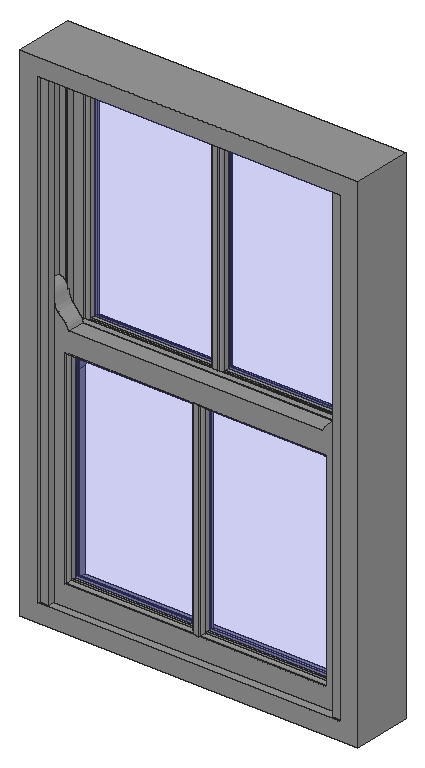
Revit family "HMEL1V", category Windows, host Wall, Revit 2015
Parameters (values of type "HMEL1V")
  Height = 1200 mm
  Default Lintel Height = 2100 mm
  Wall Closure = By host
  Width = 800 mm
Reference planes
  plane 1 "Center (Front/Back)": y = 0
  plane 2 "Center (Left/Right)": x = 0
  plane 3 "Left": x = -400
  plane 4 "Right": x = 400
  plane 5 "Sill": z = 900
  plane 6 "Head": z = 2100
  plane 7 "Exterior": y = 100
  plane 8 "Interior": y = -100
  plane 9: y = -28.5
  plane 10: y = 23.5
  plane 11: z = 1500
  plane 12: z = 1528.5
  plane 13: z = 1471.5
Forms (mm)
  Sweep 1, solid, material "Lauan, Meranti"
    path origin (-10500, 23.5, 2100) x (0, 0, -1) y (-1, 0, 0)
      loop
        line (0, -10900) -> (1200, -10900) -> (1200, -10100) -> (0, -10100) -> (0, -10900)
    profile origin (0, 23.5, 2100) x (0, 0, 1) y (0, 1, 0)
      loop
        line (0, 46.5) -> (-42, 46.5) -> (-42, -93.5) -> (0, -93.5) -> (0, 46.5)
  Sweep 2, solid, material "Lauan, Meranti"
    path origin (-10500, 31, 1962.5) x (0, 0, -1) y (-1, 0, 0)
      loop
        line (-95.5, -10858) -> (491, -10858) -> (491, -10142) -> (-95.5, -10142) -> (-95.5, -10858)
    profile origin (0, 31, 2058) x (0, 0, 1) y (0, 1, 0)
      loop
        line (-48, 18.5) -> (-48, -6.5) -> (-57, -6.5) -> (-57, -14.499) -> (-53.996, -14.499)
        arc (-53.996, -14.499) -> (-52.238, -18.744) -> (-47.994, -20.502) r 6.002
        line (-47.994, -20.502) -> (-47.994, -23.5) -> (0, -23.5) -> (0, 18.5) -> (-48, 18.5)
  Extrusion 3, solid, material "Lauan, Meranti"
    sketch origin (-10500, 7.5, 1962.5) x (0, 0, -1) y (-1, 0, 0)
      loop
        line (491, -10801) -> (491, -10858) -> (576, -10858)
        spline (576, -10858) -> (568.022, -10845.331) -> (558.494, -10838.581) -> (548.752, -10835.386) -> (540.116, -10833.399) -> (533.202, -10831.197) -> (527.644, -10828.636) -> (523.005, -10825.669) -> (518.783, -10822.149) -> (514.297, -10817.644) -> (508.83, -10811.691) -> (501.472, -10805.147) -> (491, -10801)
      loop
        spline (491, -10199) -> (501.472, -10194.853) -> (508.83, -10188.309) -> (514.297, -10182.356) -> (518.783, -10177.851) -> (523.005, -10174.331) -> (527.644, -10171.364) -> (533.202, -10168.803) -> (540.116, -10166.601) -> (548.752, -10164.614) -> (558.494, -10161.419) -> (568.022, -10154.669) -> (576, -10142)
        line (576, -10142) -> (491, -10142) -> (491, -10199)
    from 0 to 42
  Sweep 4, solid, material "Lauan, Meranti"
    path origin (-10500, 16, 1962.5) x (0, 0, -1) y (-1, 0, 0)
      loop
        line (434, -10858) -> (1020.5, -10858) -> (1020.5, -10142) -> (434, -10142) -> (434, -10858)
    profile origin (0, 16, 1528.5) x (0, 0, 1) y (0, 1, 0)
      loop
        line (0, -65.5) -> (0, -23.5) -> (-48, -23.5) -> (-48, -48.5) -> (-57, -48.5) -> (-57, -56.499) -> (-53.996, -56.499)
        arc (-53.996, -56.499) -> (-52.238, -60.744) -> (-47.994, -62.502) r 6.002
        line (-47.994, -62.502) -> (-47.994, -65.5) -> (0, -65.5)
  Extrusion 5, solid, material "Lauan, Meranti"
    sketch origin (-10500, -49.5, 1037.5) x (0, 0, 1) y (1, 0, 0)
      loop
        spline (491, 10801) -> (501.472, 10805.147) -> (508.83, 10811.691) -> (514.297, 10817.644) -> (518.783, 10822.149) -> (523.005, 10825.669) -> (527.644, 10828.636) -> (533.202, 10831.197) -> (540.116, 10833.399) -> (548.752, 10835.386) -> (558.494, 10838.581) -> (568.022, 10845.331) -> (576, 10858)
        line (576, 10858) -> (491, 10858) -> (491, 10801)
      loop
        line (491, 10199) -> (491, 10142) -> (576, 10142)
        spline (576, 10142) -> (568.022, 10154.669) -> (558.494, 10161.419) -> (548.752, 10164.614) -> (540.116, 10166.601) -> (533.202, 10168.803) -> (527.644, 10171.364) -> (523.005, 10174.331) -> (518.783, 10177.851) -> (514.297, 10182.356) -> (508.83, 10188.309) -> (501.472, 10194.853) -> (491, 10199)
    from 0 to 42
  Extrusion 6, solid, material "Glass"
    sketch origin (-10576.653, -32.5, 1478.533) x (0, 0, -1) y (-1, 0, 0)
      loop
        line (-1.974, -10886.653) -> (488.539, -10886.653) -> (488.539, -10583.153) -> (-1.974, -10583.153) -> (-1.974, -10886.653)
      loop
        line (-1.974, -10570.153) -> (488.539, -10570.153) -> (488.539, -10266.653) -> (-1.974, -10266.653) -> (-1.974, -10570.153)
    from 0 to 6.4
  Extrusion 7, solid, material "Lauan, Meranti"
    sketch origin (45.571, 187.242, 1092) x (1, 0, 0) y (0, 1, 0)
      loop
        line (290.429, -194.742) -> (293.929, -194.742) -> (293.929, -187.742) -> (296.929, -187.742) -> (296.929, -194.742) -> (312.429, -194.742) -> (312.429, -182.742) -> (309.429, -182.742) -> (309.429, -179.742) -> (290.429, -179.742) -> (290.429, -194.742)
      loop
        line (290.429, -236.742) -> (290.429, -251.742) -> (309.429, -251.742) -> (309.429, -248.742) -> (312.429, -248.742) -> (312.429, -236.742) -> (296.929, -236.742) -> (296.929, -243.742) -> (293.929, -243.742) -> (293.929, -236.742) -> (290.429, -236.742)
      loop
        line (-381.571, -194.742) -> (-381.571, -179.742) -> (-400.571, -179.742) -> (-400.571, -182.742) -> (-403.571, -182.742) -> (-403.571, -194.742) -> (-388.071, -194.742) -> (-388.071, -187.742) -> (-385.071, -187.742) -> (-385.071, -194.742) -> (-381.571, -194.742)
      loop
        line (-381.571, -236.742) -> (-385.071, -236.742) -> (-385.071, -243.742) -> (-388.071, -243.742) -> (-388.071, -236.742) -> (-403.571, -236.742) -> (-403.571, -248.742) -> (-400.571, -248.742) -> (-400.571, -251.742) -> (-381.571, -251.742) -> (-381.571, -236.742)
    from -150 to 966
  Extrusion 8, solid, material "Lauan, Meranti"
    sketch origin (-400, 0, -150) x (0, -1, 0) y (0, 0, 1)
      loop
        line (7.5, 1678.5) -> (-7.5, 1678.5) -> (-7.5, 1659.5) -> (-4.5, 1659.5) -> (-4.5, 1656.5) -> (7.5, 1656.5) -> (7.5, 1672) -> (0.5, 1672) -> (0.5, 1675) -> (7.5, 1675) -> (7.5, 1678.5)
    from -64 to -736
  Sweep 9, solid, material "Lauan, Meranti"
    path origin (171.068, 92.5, -640.662) x (1, 0, 0) y (0, 0, 1)
      loop
        line (138.932, 2121.168) -> (-164.568, 2121.168) -> (-164.568, 1630.655) -> (138.932, 1630.655) -> (138.932, 2121.168)
    profile origin (158.25, 92.5, 1480.506) x (0, 0, -1) y (0, -1, 0)
      loop
        arc (0, 110.6) -> (4.67, 112.234) -> (7, 116.6) r 6.807
        line (7, 116.6) -> (9, 116.6) -> (9, 118.6) -> (0, 118.6) -> (0, 110.6)
  Extrusion 10, solid, material "Lauan, Meranti"
    sketch origin (0, -31, -336.494) x (1, 0, 0) y (0, 1, 0)
      loop
        line (-6.5, 23.5) -> (-6.5, -1.5) -> (-15.5, -1.5) -> (-15.5, -9.5) -> (-12.5, -9.5)
        arc (-12.5, -9.5) -> (-10.743, -13.743) -> (-6.5, -15.5) r 6
        line (-6.5, -15.5) -> (-6.5, -18.5) -> (6.5, -18.5) -> (6.5, -15.5)
        arc (6.5, -15.5) -> (10.743, -13.743) -> (12.5, -9.5) r 6
        line (12.5, -9.5) -> (15.5, -9.5) -> (15.5, -1.5) -> (6.5, -1.5) -> (6.5, 23.5) -> (-6.5, 23.5)
    from 1326.487 to 1817
  Extrusion 11, solid, material "Lauan, Meranti"
    sketch origin (0, 26, 245.5) x (1, 0, 0) y (0, 1, 0)
      loop
        line (-6.5, 23.5) -> (-6.5, -1.5) -> (-15.5, -1.5) -> (-15.5, -9.5) -> (-12.5, -9.5)
        arc (-12.5, -9.5) -> (-10.743, -13.743) -> (-6.5, -15.5) r 6
        line (-6.5, -15.5) -> (-6.5, -18.5) -> (6.5, -18.5) -> (6.5, -15.5)
        arc (6.5, -15.5) -> (10.743, -13.743) -> (12.5, -9.5) r 6
        line (12.5, -9.5) -> (15.5, -9.5) -> (15.5, -1.5) -> (6.5, -1.5) -> (6.5, 23.5) -> (-6.5, 23.5)
    from 1274 to 1764.5
  Sweep 12, solid, material "Lauan, Meranti"
    path origin (26.75, 107.5, -165.151) x (1, 0, 0) y (0, 0, 1)
      loop
        line (283.25, 2175.151) -> (-20.25, 2175.151) -> (-20.25, 1684.651) -> (283.25, 1684.651) -> (283.25, 2175.151)
    profile origin (158.25, 107.5, 2010) x (0, 0, -1) y (0, -1, 0)
      loop
        arc (0, 68.6) -> (4.67, 70.234) -> (7, 74.6) r 6.807
        line (7, 74.6) -> (9, 74.6) -> (9, 76.6) -> (0, 76.6) -> (0, 68.6)
  Extrusion 13, solid, material "Glass"
    sketch origin (-10500, 24.5, 2042.5) x (0, 0, -1) y (-1, 0, 0)
      loop
        line (32.5, -10810) -> (523, -10810) -> (523, -10506.5) -> (32.5, -10506.5) -> (32.5, -10810)
      loop
        line (32.5, -10493.5) -> (523, -10493.5) -> (523, -10190) -> (32.5, -10190) -> (32.5, -10493.5)
    from 0 to 6.4
  Sweep 14, solid, material "Lauan, Meranti"
    path origin (-26.75, 107.5, -165.151) x (-1, 0, 0) y (0, 0, -1)
      loop
        line (283.25, -2175.151) -> (283.25, -1684.651) -> (-20.25, -1684.651) -> (-20.25, -2175.151) -> (283.25, -2175.151)
    profile origin (-158.25, 107.5, 2010) x (0, 0, 1) y (0, -1, 0)
      loop
        line (0, 68.6) -> (0, 76.6) -> (-9, 76.6) -> (-9, 74.6) -> (-7, 74.6)
        arc (-7, 74.6) -> (-4.67, 70.234) -> (0, 68.6) r 6.807
  Sweep 15, solid, material "Lauan, Meranti"
    path origin (-171.068, 92.5, -640.662) x (-1, 0, 0) y (0, 0, -1)
      loop
        line (138.932, -2121.168) -> (138.932, -1630.655) -> (-164.568, -1630.655) -> (-164.568, -2121.168) -> (138.932, -2121.168)
    profile origin (-158.25, 92.5, 1480.506) x (0, 0, 1) y (0, -1, 0)
      loop
        line (0, 110.6) -> (0, 118.6) -> (-9, 118.6) -> (-9, 116.6) -> (-7, 116.6)
        arc (-7, 116.6) -> (-4.67, 112.234) -> (0, 110.6) r 6.807
Cuts and joins
  joined: Sweep 2, Extrusion 3
  joined: Sweep 4, Extrusion 5
Lines and regions (mm)
  Opening 1
    outline origin (3500, -100, 0) x (1, 0, 0) y (0, 0, 1)
      loop
        line (-3100, 900) -> (-3100, 2100) -> (-3900, 2100) -> (-3900, 900) -> (-3100, 900)
  model lines
    curve 1: line (358, 49.5, 2058) -> (0, 49.5, 1471.5)
    curve 2: line (-358, 49.5, 2058) -> (0, 49.5, 1471.5)
    curve 3: line (-158.25, -7.5, 1074.922) -> (-158.25, -7.5, 1254.922)
    curve 4: line (-158.25, -7.5, 1394) -> (-102.059, -7.5, 1254.922)
    curve 5: line (-102.059, -7.5, 1254.922) -> (-214.441, -7.5, 1254.922)
    curve 6: line (-158.25, -7.5, 1394) -> (-214.441, -7.5, 1254.922)
Text (mm)
  text "EXTERIOR" at (-1963.203, 1332.353, 0), in view "Ref. Level"
  text "INTERIOR" at (-1981.466, -818.386, 0), in view "Ref. Level"
  text "Exterior" at (0, 923.751, 2943.296), in view "Right"
  text "Exterior" at (0, 1040.484, 2685.409), in view "Left"
Dimensions and locks
  equal spacing: plane 3 "Left", plane 2 "Center (Left/Right)", plane 4 "Right"
  "Width": plane 3 "Left" to plane 4 "Right"
  "Height": plane 5 "Sill" to plane 6 "Head"
  "Default Lintel Height": plane 6 "Head" to level
  locked: plane 7 "Exterior" to host wall at 0
  locked: plane 8 "Interior" to host wall
  locked: plane 10 to plane 9 at 52
  plane 3 "Left" to plane 4 "Right" = 800 mm
  aligned and locked: Sweep 1 sketch curve to host wall  (x4)
  aligned and locked: Extrusion 6 sketch curve to Extrusion 6 sketch curve
  aligned and locked: Extrusion 8 to Extrusion 7  (x2)
  aligned and locked: Extrusion 7 to Sweep 1  (x2)
  aligned and locked: Sweep 2 sketch curve to Sweep 1
  aligned and locked: Sweep 4 sketch curve to Sweep 1
  aligned and locked: Extrusion 6 to Sweep 4  (x2)
  aligned and locked: Extrusion 13 to Sweep 2  (x4)
  aligned and locked: Extrusion 11 to Sweep 2  (x2)
  aligned and locked: Sweep 12 sketch curve to Sweep 2
  aligned and locked: Sweep 2 to Sweep 12 sketch curve
  aligned and locked: Sweep 9 sketch curve to Sweep 4  (x2)
  aligned and locked: Extrusion 10 to Sweep 4  (x2)
Automatic sketch dimensions
  plane 3 "Left" to Opening 1 sketch curve = 0 mm
  plane 4 "Right" to Opening 1 sketch curve = 0 mm
  Opening 1 sketch curve to plane 5 "Sill" = 0 mm
  Opening 1 sketch curve to plane 6 "Head" = 0 mm
  profile plane to Sweep 1 sketch curve = 0 mm
  profile plane to Sweep 1 sketch curve = 42 mm
  Sweep 1 sketch curve to plane 10 = 93.5 mm
  plane 10 to Sweep 1 sketch curve = 46.5 mm
  plane 2 "Center (Left/Right)" to curve 1 = 0 mm
  curve 1 to plane 13 = 0 mm
  curve 2 to plane 3 "Left" = 42 mm
  plane 4 "Right" to curve 1 = 42 mm
  plane 6 "Head" to curve 2 = 42 mm
  plane 6 "Head" to curve 1 = 42 mm
  plane 13 to curve 4 = 77.5 mm
  plane 2 "Center (Left/Right)" to curve 4 = 102.059 mm
  curve 4 to curve 4 = 139.078 mm
  curve 6 to curve 4 = 56.191 mm
  curve 5 to curve 4 = 112.382 mm
  curve 3 to plane 5 "Sill" = 174.922 mm
  plane 2 "Center (Left/Right)" to curve 3 = 158.25 mm
  Sweep 2 sketch curve to plane 13 = 0 mm
  plane 4 "Right" to Sweep 2 sketch curve = 42 mm
  Sweep 2 sketch curve to plane 3 "Left" = 42 mm
  profile plane to Sweep 2 sketch curve = 0 mm
  Sweep 2 sketch curve to profile plane = 23.5 mm
  profile plane to Sweep 2 sketch curve = 47.994 mm
  Sweep 2 sketch curve to Sweep 2 sketch curve = 0.006 mm
  Sweep 2 sketch curve to Sweep 2 sketch curve = 6.002 mm
  Sweep 2 sketch curve to Sweep 2 sketch curve = 3.004 mm
  Sweep 2 sketch curve to Sweep 2 sketch curve = 2.998 mm
  Sweep 2 sketch curve to profile plane = 6.5 mm
  profile plane to Sweep 2 sketch curve = 18.5 mm
  Extrusion 3 sketch curve to plane 13 = 0 mm  (x2)
  Extrusion 3 sketch curve to plane 3 "Left" = 42 mm
  Extrusion 3 sketch curve to Extrusion 3 sketch curve = 85 mm
  plane 4 "Right" to Extrusion 3 sketch curve = 42 mm
  plane 13 to Extrusion 3 sketch curve = 85 mm
  Extrusion 3 sketch curve to Extrusion 3 sketch curve = 57 mm  (x2)
  Sweep 4 sketch curve to plane 12 = 0 mm
  plane 4 "Right" to Sweep 4 sketch curve = 42 mm
  Sweep 4 sketch curve to plane 3 "Left" = 42 mm
  profile plane to Sweep 4 sketch curve = 0 mm
  profile plane to Sweep 4 sketch curve = 47.994 mm
  Sweep 4 sketch curve to Sweep 4 sketch curve = 0.006 mm
  Sweep 4 sketch curve to Sweep 4 sketch curve = 6.002 mm
  Sweep 4 sketch curve to Sweep 4 sketch curve = 3.004 mm
  Sweep 4 sketch curve to profile plane = 65.5 mm
  Sweep 4 sketch curve to Sweep 4 sketch curve = 2.998 mm
  Sweep 4 sketch curve to Sweep 4 sketch curve = 7.999 mm
  Sweep 4 sketch curve to profile plane = 23.5 mm
  Extrusion 5 sketch curve to plane 12 = 0 mm  (x2)
  Extrusion 5 sketch curve to plane 3 "Left" = 42 mm
  Extrusion 5 sketch curve to Extrusion 5 sketch curve = 85 mm  (x2)
  plane 4 "Right" to Extrusion 5 sketch curve = 42 mm
  Extrusion 5 sketch curve to Extrusion 5 sketch curve = 57 mm  (x2)
  Extrusion 6 sketch curve to plane 13 = 9.006 mm
  Extrusion 6 sketch curve to plane 5 "Sill" = 89.994 mm
  plane 2 "Center (Left/Right)" to Extrusion 6 sketch curve = 6.5 mm
  Extrusion 6 sketch curve to Extrusion 6 sketch curve = 0 mm
  Extrusion 6 sketch curve to plane 2 "Center (Left/Right)" = 6.5 mm
  plane 4 "Right" to Extrusion 6 sketch curve = 90 mm
  Extrusion 6 sketch curve to plane 3 "Left" = 90 mm
  Extrusion 7 sketch curve to plane 3 "Left" = 42 mm
  host wall to Extrusion 7 sketch curve = 7.5 mm  (x2)
  Extrusion 7 sketch curve to Extrusion 7 sketch curve = 0 mm  (x5)
  Extrusion 7 sketch curve to Extrusion 7 sketch curve = 3 mm  (x11)
  Extrusion 7 sketch curve to Extrusion 7 sketch curve = 15.5 mm  (x2)
  host wall to Extrusion 7 sketch curve = 0.5 mm  (x2)
  Extrusion 7 sketch curve to Extrusion 7 sketch curve = 3.5 mm  (x4)
  plane 4 "Right" to Extrusion 7 sketch curve = 64 mm
  Extrusion 7 sketch curve to plane 9 = 21 mm
  Extrusion 7 sketch curve to Extrusion 7 sketch curve = 12.5 mm  (x2)
  Extrusion 7 sketch curve to host wall = 4.5 mm  (x2)
  Extrusion 7 sketch curve to Extrusion 7 sketch curve = 7 mm  (x2)
  Extrusion 7 sketch curve to plane 9 = 28 mm
  Extrusion 7 sketch curve to Extrusion 7 sketch curve = 5 mm  (x2)
  Extrusion 7 sketch curve to Extrusion 7 sketch curve = 12 mm
  Extrusion 7 sketch curve to host wall = 7.5 mm
  Extrusion 8 sketch curve to plane 12 = 0 mm
  Extrusion 8 sketch curve to host wall = 7.5 mm
  Extrusion 8 sketch curve to Extrusion 8 sketch curve = 3 mm  (x2)
  host wall to Extrusion 8 sketch curve = 0.5 mm
  Extrusion 8 sketch curve to Extrusion 8 sketch curve = 7 mm
  host wall to Extrusion 8 sketch curve = 7.5 mm
  Extrusion 8 sketch curve to plane 12 = 3.5 mm
  plane 11 to Extrusion 8 sketch curve = 9.5 mm
  plane 11 to Extrusion 8 sketch curve = 6.5 mm
  Sweep 9 sketch curve to plane 2 "Center (Left/Right)" = 6.5 mm
  plane 4 "Right" to Sweep 9 sketch curve = 90 mm
  Sweep 9 sketch curve to profile plane = 0 mm
  Sweep 9 sketch curve to profile plane = 0.241 mm
  Sweep 9 sketch curve to Sweep 9 sketch curve = 6.759 mm
  Sweep 9 sketch curve to Sweep 9 sketch curve = 2 mm  (x2)
  profile plane to Sweep 9 sketch curve = 110.6 mm
  Sweep 9 sketch curve to Sweep 9 sketch curve = 6 mm
  plane 2 "Center (Left/Right)" to Extrusion 10 sketch curve = 15.5 mm
  Extrusion 10 sketch curve to Extrusion 10 sketch curve = 3 mm  (x3)
  plane 2 "Center (Left/Right)" to Extrusion 10 sketch curve = 6.5 mm  (x2)
  Extrusion 10 sketch curve to plane 2 "Center (Left/Right)" = 6.5 mm  (x2)
  Extrusion 10 sketch curve to Extrusion 10 sketch curve = 6 mm
  Extrusion 10 sketch curve to plane 9 = 4 mm  (x2)
  Extrusion 10 sketch curve to Extrusion 10 sketch curve = 8 mm
  Extrusion 10 sketch curve to plane 9 = 12 mm
  host wall to Extrusion 10 sketch curve = 7.5 mm
  Extrusion 11 sketch curve to plane 10 = 7 mm
  plane 2 "Center (Left/Right)" to Extrusion 11 sketch curve = 15.5 mm
  Extrusion 11 sketch curve to Extrusion 11 sketch curve = 3 mm  (x3)
  plane 10 to Extrusion 11 sketch curve = 1 mm  (x2)
  plane 2 "Center (Left/Right)" to Extrusion 11 sketch curve = 6.5 mm  (x2)
  Extrusion 11 sketch curve to plane 2 "Center (Left/Right)" = 6.5 mm  (x2)
  Extrusion 11 sketch curve to Extrusion 11 sketch curve = 6 mm
  Extrusion 11 sketch curve to host wall = 10.5 mm
  Extrusion 11 sketch curve to Extrusion 11 sketch curve = 25 mm
  Sweep 12 sketch curve to plane 2 "Center (Left/Right)" = 6.5 mm
  plane 4 "Right" to Sweep 12 sketch curve = 90 mm
  Sweep 12 sketch curve to profile plane = 0 mm
  Sweep 12 sketch curve to profile plane = 0.241 mm
  Sweep 12 sketch curve to Sweep 12 sketch curve = 6.759 mm
  Sweep 12 sketch curve to Sweep 12 sketch curve = 2 mm  (x2)
  profile plane to Sweep 12 sketch curve = 68.6 mm
  Sweep 12 sketch curve to Sweep 12 sketch curve = 6 mm
  plane 6 "Head" to Extrusion 13 sketch curve = 90 mm  (x2)
  Extrusion 13 sketch curve to plane 12 = 9 mm  (x2)
  plane 4 "Right" to Extrusion 13 sketch curve = 90 mm
  Extrusion 13 sketch curve to plane 2 "Center (Left/Right)" = 6.5 mm
  plane 2 "Center (Left/Right)" to Extrusion 13 sketch curve = 6.5 mm
  Extrusion 13 sketch curve to plane 3 "Left" = 90 mm
  plane 2 "Center (Left/Right)" to Sweep 14 sketch curve = 6.5 mm
  Sweep 14 sketch curve to plane 12 = 9 mm
  Sweep 14 sketch curve to plane 3 "Left" = 90 mm
  plane 6 "Head" to Sweep 14 sketch curve = 90 mm
  profile plane to Sweep 14 sketch curve = 0 mm
  profile plane to Sweep 14 sketch curve = 0.241 mm
  Sweep 14 sketch curve to Sweep 14 sketch curve = 6.759 mm
  Sweep 14 sketch curve to Sweep 14 sketch curve = 2 mm  (x2)
  profile plane to Sweep 14 sketch curve = 68.6 mm
  Sweep 14 sketch curve to Sweep 14 sketch curve = 6 mm
  plane 2 "Center (Left/Right)" to Sweep 15 sketch curve = 6.5 mm
  Sweep 15 sketch curve to plane 3 "Left" = 90 mm
  Sweep 15 sketch curve to plane 13 = 9.006 mm
  Sweep 15 sketch curve to plane 5 "Sill" = 89.994 mm
  profile plane to Sweep 15 sketch curve = 0 mm
  profile plane to Sweep 15 sketch curve = 0.241 mm
  Sweep 15 sketch curve to Sweep 15 sketch curve = 6.759 mm
  Sweep 15 sketch curve to Sweep 15 sketch curve = 2 mm  (x2)
  profile plane to Sweep 15 sketch curve = 110.6 mm
  Sweep 15 sketch curve to Sweep 15 sketch curve = 6 mm
